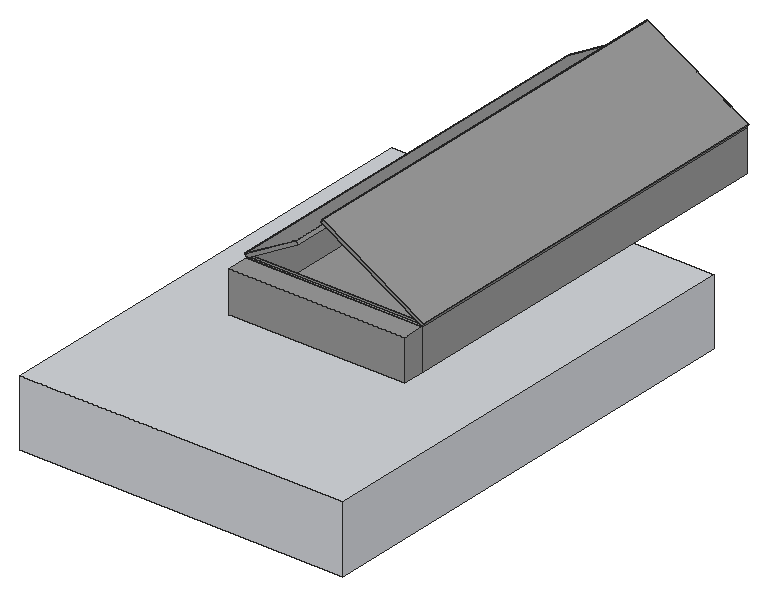
Revit family "Hager-Univers-IP54-D205-H1950-Cl.I-encl-DE-de", category Equipement électrique, Revit 2020
Family settings
  Hôte = Face
  Configuration du panneau = Deux colonnes, circuits au sein
  Cote de connecteur circulaire = Utiliser le diamètre
  Type d'élément = Tableau de raccordement
  Couper avec des vides une fois chargée = Non
  Partagée = Non
  Point de calcul de pièce = Non
Parameters (values of type "Bodenaufstellung IP54 B800 H1950 T205  - FP23TW2")
  Width Control [instance] = if([EF000008 - Breite] > Min Width, [EF000008 - Breite], Min Width)  # 800 mm
  Commentaires du type = [HG000003 - Bereich]  # "Univers"
  Thickness Door [instance] = if([EF009171 - Materialstärke Tür/Deckel] > 3 mm, 3 mm, [EF009171 - Materialstärke Tür/Deckel])  # 1 mm
  Seal Frame Offset [instance] = 17 mm  # constant formula
  Plinth Visibility [instance] = [HG000027 - Sockelhöhe] > 0 mm  # yes
  Model = ""
  Min Width [instance] = 100 mm  # constant formula
  Min Height [instance] = 100 mm  # constant formula
  Min Depth [instance] = (2 * [EF009170 - Materialstärke Gehäuse]) + 1 mm  # 3 mm
  Internal Frame Depth [instance] = (Door System Depth * 0.5)  # 9 mm
  Height Control [instance] = if([EF000040 - Höhe] > Min Height, [EF000040 - Höhe], Min Height)  # 1950 mm
  HG000027 - Sockelhöhe = 100 mm
  HG000026 - Stehend auf dem Boden = yes
  HG000024 - Höhe des unteren Teils = 800 mm
  HG000023 - Gehäuse mit doppeltem Querschnitt = no
  HG000016 - 3D-Türsichtbarkeit [instance] = yes
  HG000015 - Sichtbarkeit der Türöffnung [instance] = no
  HG000014 - Tür rechts [instance] = yes
  HG000013 - Tür links [instance] = not([HG000014 - Tür rechts])  # no
  HG000012 - Türschwenkwinkel [instance] = 30.00°
  HG000010 - Asymmetrische Türen = yes
  HG000009 - Doppelflügeligen Tür = yes
  HG000006 - Unterputz = no
  HG000004 - Herstellerreferenz = "FP23TW2"
  HG000003 - Bereich = "Univers"
  HG000002 - Mit tür = yes
  Frame Offset Bottom [instance] = 10 mm  # constant formula
  Frame Offset [instance] = 15 mm  # constant formula
  EF015940 - Deckel mit Überdruckentlastung = no
  EF011959 - Schutzart (NEMA) = ""
  EF009554 - Anzahl der Öffnungen für Flanschplatten = 6
  Fabricant = "Hager"  # constant formula
  EF009212 - Ausführung Deckel = "EV000116 - geschlossen"
  EF009171 - Materialstärke Tür/Deckel = 1 mm
  EF009170 - Materialstärke Gehäuse = 1 mm
  EF008873 - Nennstrom (In) = 400 A
  EF007800 - Geeignet für Blitzschutz = no
  EF006306 - Mit Schloss = no
  EF006244 - Transparenter Deckel/Tür = no
  EF005474 - Schutzart (IP) = "EV006419 - IP54"
  EF004464 - Art der Tür = "EV002646 - Einzel"
  EF004427 - Anzahl der Module = 432
  EF004293 - Schlagfestigkeit = "EV006815 - IK09"
  EF003532 - Geeignet für Außengebrauch = no
  EF002950 - Breite in Teilungseinheiten = 36
  EF001613 - Funktionserhalt = "EV000494 - ohne"
  EF001596 - Werkstoff des Gehäuses = "EV000179 - Stahl"
  EF001131 - Innentiefe = 205 mm
  EF001088 - Anbaumöglichkeit = yes
  EF000437 - Anzahl der Leitungseinführungen = 6
  EF000339 - Art der Abdeckung = "EV001012 - Deckel"
  EF000266 - Anzahl der Reihen = 12
  EF000218 - Einbautiefe = 0 mm
  EF000118 - Mit Montageplatte = no
  EF000116 - RAL-Nummer = "9010"
  EF000049 - Tiefe = 205 mm
  EF000040 - Höhe = 1950 mm
  EF000008 - Breite = 800 mm
  EF000007 - Farbe = "EV000202 - weiß"
  EF000003 - Montageart = "EV012274 - Bodenaufstellung"
  Door System Leaf Tolerance [instance] = 1.5 mm  # constant formula
  Door System Depth [instance] = 18 mm  # constant formula
  Door Height [instance] = Height Control - [HG000027 - Sockelhöhe]  # 1850 mm
  Depth Control [instance] = if([EF000049 - Tiefe] > Min Depth, [EF000049 - Tiefe], Min Depth)  # 205 mm
  Default Elevation = 0 mm
  Connector Offset [instance] = Height Control / 2  # 975 mm
  Bottom Top Plate Trim [instance] = 1.5 mm  # constant formula
  Plinth height Ctrl [instance] = if([HG000027 - Sockelhöhe] > 0 mm, [HG000027 - Sockelhöhe], 12 mm)  # 100 mm
Types (9, lengths in mm): name | Width Control | HG000010 - Asymmetrische Türen | HG000009 - Doppelflügeligen Tür | HG000004 - Herstellerreferenz | EF009554 - Anzahl der Öffnungen für Flanschplatten | EF008873 - Nennstrom (In) | EF004464 - Art der Tür | EF004427 - Anzahl der Module | EF002950 - Breite in Teilungseinheiten | EF000437 - Anzahl der Leitungseinführungen | EF000008 - Breite
  Bodenaufstellung IP54 B1050 H1950 T205  - FP24TW2 | 1050 | no | yes | "FP24TW2" | 8 | 400 A | "EV003602 - Doppel" | 576 | 48 | 8 | 1050
  Bodenaufstellung IP54 B1300 H1950 T205  - FP25TW | 1300 | no | yes | "FP25TW" | 10 | 400 A | "EV003602 - Doppel" | 720 | 60 | 10 | 1300
  Bodenaufstellung IP54 B1300 H1950 T205  - FP25TW2 | 1300 | yes | yes | "FP25TW2" | 10 | 400 A | "EV003602 - Doppel" | 720 | 60 | 10 | 1300
  Bodenaufstellung IP54 B300 H1950 T205  - FP21TW | 300 | no | no | "FP21TW" | 2 | 250 A | "EV002646 - Einzel" | 144 | 12 | 2 | 300
  Bodenaufstellung IP54 B300 H1950 T205  - FP21TW2 | 300 | no | no | "FP21TW2" | 2 | 250 A | "EV002646 - Einzel" | 144 | 12 | 2 | 300
  Bodenaufstellung IP54 B550 H1950 T205  - FP22TW | 550 | no | no | "FP22TW" | 4 | 400 A | "EV002646 - Einzel" | 288 | 24 | 4 | 550
  Bodenaufstellung IP54 B550 H1950 T205  - FP22TW2 | 550 | no | no | "FP22TW2" | 4 | 400 A | "EV002646 - Einzel" | 288 | 24 | 4 | 550
  Bodenaufstellung IP54 B800 H1950 T205  - FP23TW | 800 | no | no | "FP23TW" | 6 | 400 A | "EV002646 - Einzel" | 432 | 36 | 6 | 800
  Bodenaufstellung IP54 B800 H1950 T205  - FP23TW2 | 800 | yes | yes | "FP23TW2" | 6 | 400 A | "EV002646 - Einzel" | 432 | 36 | 6 | 800
Reference planes
  plane 1 "Center (Front/Back)": y = 0
  plane 2: z = 0
  plane 3 "Center (Left/Right)": x = 0
  plane 4: z = 205
  plane 5: y = 101
  plane 6: y = 1025
  plane 7: y = 100
  plane 8: y = 1950
  plane 9: z = 0
  plane 10: x = -385
  plane 11: x = 385
  plane 12: x = 384
  plane 13: x = -384
  plane 14: y = 1949
  plane 15: x = -383
  plane 16: x = -400
  plane 17: x = 383
  plane 18: x = 400
  plane 19: x = 399
  plane 20: x = -399
  plane 21: y = 111
  plane 22: y = 1950
  plane 23: y = 1934
  plane 24: z = 187
  plane 25: z = 1
  plane 26: z = 186
  plane 27: z = 204
Forms (mm)
  Extrusion 1, solid
    sketch origin (0, 0, 0) x (1, 0, 0) y (0, 1, 0)
      loop
        line (-702.964, 1305) -> (-702.964, -811.445) -> (766.763, -811.445) -> (766.763, 1305) -> (-702.964, 1305)
    from 0 to -304.8
  Extrusion 2, solid, material "Hager_Steel_RAL7035_Light_Grey", visible <- "Plinth Visibility", detail levels medium+fine
    sketch origin (0, 0, 0) x (1, 0, 0) y (0, 1, 0)
      loop
        line (-400, 0) -> (400, 0) -> (400, 100) -> (-400, 100) -> (-400, 0)
    from 0 to 187
  Extrusion 3, solid, material "Hager_Steel_RAL7035_Light_Grey", detail levels medium+fine
    sketch origin (0, 0, 0) x (1, 0, 0) y (0, 1, 0)
      loop
        line (-400, 100) -> (400, 100) -> (400, 1950) -> (-400, 1950) -> (-400, 100)
    from 0 to 187
  Extrusion 4, void
    sketch origin (0, 0, 0) x (1, 0, 0) y (0, 1, 0)
      loop
        line (-399, 101) -> (399, 101) -> (399, 1949) -> (-399, 1949) -> (-399, 101)
    from 1 to 186
  Extrusion 5, void
    sketch origin (-381.607, -4572, 187) x (0, -1, 0) y (-1, 0, 0)
      loop
        line (-4683, 2.393) -> (-6506, 2.393) -> (-6506, -765.607) -> (-4683, -765.607) -> (-4683, 2.393)
    from 0 to 1 <- "EF009170 - Materialstärke Gehäuse"
  Extrusion 6, solid, material "Hager_Steel_RAL7035_Light_Grey", detail levels fine
    sketch origin (0, 0, 187) x (1, 0, 0) y (0, 1, 0)
      loop
        line (-384, 1934) -> (-384, 111) -> (384, 111) -> (384, 1934) -> (-384, 1934)
      loop
        line (-385, 110) -> (385, 110) -> (385, 1935) -> (-385, 1935) -> (-385, 110)
    from 0 to 9 <- "Internal Frame Depth"
  Extrusion 7, solid, material "Hager_Steel_RAL7035_Light_Grey", detail levels coarse
    sketch origin (0, 0, 0) x (1, 0, 0) y (0, 1, 0)
      loop
        line (-400, 0) -> (400, 0) -> (400, 1950) -> (-400, 1950) -> (-400, 0)
    from 0 to 205
  Sweep 8, void
    path in 3D
      loop
        line (-400, 100, 0) -> (400, 100, 0) -> (400, 100, 187) -> (-400, 100, 187) -> (-400, 100, 0)
    profile origin (-400, 100, 93.5) x (-1, 0, 0) y (0, -1, 0)
      loop
        line (0, 0) -> (0, 1.5) -> (-1.5, 1.5)
        arc (-1.5, 1.5) -> (-1.061, 0.439) -> (0, 0) r 1.5
Cuts and joins
  Extrusion 4, Extrusion 5 cuts Extrusion 3
  Sweep 8 cuts Extrusion 2
Lines and regions (mm)
  Masking region 1
    outline origin (0, 0, 0) x (1, 0, 0) y (0, 0, 1)
      loop
        line (-400, 205) -> (-400, 0) -> (400, 0) -> (400, 205) -> (-400, 205)
  Masking region 2, detail levels medium+fine
    outline origin (0, 140, 0) x (0, 1, 0) y (0, 0, 1)
      loop
        line (-40, 0) -> (1810, 0) -> (1810, 187) -> (-40, 187) -> (-40, 0)
  Masking region 3, not visible, detail levels medium+fine
    outline origin (0, 297.922, 0) x (0, 1, 0) y (0, 0, 1)
      loop
        line (738.578, 0) -> (778.578, 0) -> (778.578, 194)
        arc (778.578, 194) -> (775.649, 201.071) -> (768.578, 204) r 10
        line (768.578, 204) -> (738.578, 204) -> (738.578, 0)
  Masking region 4, detail levels coarse
    outline origin (0, 0, 180) x (0, 1, 0) y (0, 0, 1)
      loop
        line (0, -180) -> (1950, -180) -> (1950, 25) -> (0, 25) -> (0, -180)
  Masking region 5, visible <- "Plinth Visibility", detail levels medium+fine
    outline origin (0, 52.24, 12.345) x (0, 0, -1) y (0, 1, 0)
      loop
        line (10.845, 47.76) -> (-173.155, 47.76)
        arc (-173.155, 47.76) -> (-173.594, 46.699) -> (-174.655, 46.26) r 1.5
        line (-174.655, 46.26) -> (-174.655, -52.24) -> (12.345, -52.24) -> (12.345, 46.26)
        arc (12.345, 46.26) -> (11.285, 46.699) -> (10.845, 47.76) r 1.5
  Masking region 6, detail levels medium+fine
    outline origin (-381.607, -4572, 187) x (-1, 0, 0) y (0, -1, 0)
      loop
        line (18.393, -6522) -> (18.393, -4672) -> (-781.607, -4672) -> (-781.607, -6522) -> (18.393, -6522)
  Masking region 7, visible <- "Plinth Visibility", detail levels medium+fine
    outline origin (-381.607, -4727, 187) x (-1, 0, 0) y (0, -1, 0)
      loop
        arc (16.893, -4827) -> (17.332, -4825.939) -> (18.393, -4825.5) r 1.5
        line (18.393, -4825.5) -> (18.393, -4727) -> (-781.607, -4727) -> (-781.607, -4825.5)
        arc (-781.607, -4825.5) -> (-780.546, -4825.939) -> (-780.107, -4827) r 1.5
        line (-780.107, -4827) -> (16.893, -4827)
  Masking region 8, detail levels coarse
    outline origin (-442.548, -4669.526, 187) x (-1, 0, 0) y (0, -1, 0)
      loop
        line (-42.548, -6619.526) -> (-42.548, -4669.526) -> (-842.548, -4669.526) -> (-842.548, -6619.526) -> (-42.548, -6619.526)
  sketch lines
    curve 1: line (-400, 100, 187) -> (-400, 100, 0)
    curve 2: line (400, 100, 187) -> (-400, 100, 187)
    curve 3: line (400, 100, 187) -> (400, 100, 0)
    curve 4: line (-400, 100, 0) -> (400, 100, 0)
Dimensions and locks
  "Depth Control": plane 4 to Extrusion 1
  "HG000027 - Sockelhöhe": plane 1 "Center (Front/Back)" to plane 7
  "EF009170 - Materialstärke Gehäuse": plane 5 to plane 7
  locked: connector elem to plane 3 "Center (Left/Right)"
  equal spacing: plane 8, plane 6, plane 7
  locked: connector elem to plane 6
  "EF009170 - Materialstärke Gehäuse": plane 8 to plane 14
  "EF009170 - Materialstärke Gehäuse": plane 10 to plane 13
  "EF009170 - Materialstärke Gehäuse": plane 12 to plane 11
  "Frame Offset": plane 20 to plane 13
  "Frame Offset": plane 12 to plane 19
  "EF009170 - Materialstärke Gehäuse": plane 16 to plane 20
  "EF009170 - Materialstärke Gehäuse": plane 19 to plane 18
  "Seal Frame Offset": plane 16 to plane 15
  "Seal Frame Offset": plane 17 to plane 18
  "Frame Offset Bottom": plane 21 to plane 5
  "Frame Offset": plane 14 to plane 23
  equal spacing: plane 16, plane 3 "Center (Left/Right)", plane 18
  "Width Control": plane 16 to plane 18
  "EF009170 - Materialstärke Gehäuse": plane 4 to plane 27
  "EF009170 - Materialstärke Gehäuse": plane 24 to plane 26
  "EF009170 - Materialstärke Gehäuse": plane 25 to level
  "Door System Depth": plane 4 to plane 24
  "Height Control": plane 1 "Center (Front/Back)" to Extrusion 7 sketch curve
  "Height Control": Masking region 4 sketch curve to plane 1 "Center (Front/Back)"
  "Height Control": plane 1 "Center (Front/Back)" to plane 22
  "Bottom Top Plate Trim": profile plane to Sweep 8 sketch curve
  "Bottom Top Plate Trim": Sweep 8 sketch curve to profile plane
  "Plinth height Ctrl": plane 1 "Center (Front/Back)" to Extrusion 2 sketch curve
  "Plinth height Ctrl": Masking region 5 sketch curve to plane 1 "Center (Front/Back)"
  "Plinth height Ctrl": plane 1 "Center (Front/Back)" to Masking region 7 sketch curve
  "Thickness Door": Extrusion 6 sketch curve to Extrusion 6 sketch curve  (x3)
  "Thickness Door": cut or joined group of Extrusion 3, Extrusion 4, Extrusion 5 to Extrusion 6 sketch curve
  radius of Masking region 3 sketch curve = 10 mm
  "Bottom Top Plate Trim": radius of Masking region 5 sketch curve  (x2)
  "Bottom Top Plate Trim": radius of Sweep 8 sketch curve
  "Bottom Top Plate Trim": radius of Masking region 7 sketch curve  (x2)
  aligned and locked: plane 2 to Extrusion 1
  aligned and locked: level to Extrusion 1
  aligned and locked: level to Masking region 1 sketch curve
  aligned and locked: Masking region 1 sketch curve to plane 18
  aligned and locked: Masking region 1 sketch curve to plane 16
  aligned and locked: plane 7 to Masking region 2 sketch curve
  aligned and locked: level to Masking region 3 sketch curve
  aligned and locked: Masking region 3 sketch curve to plane 27
  aligned and locked: level to Masking region 2 sketch curve
  aligned and locked: plane 1 "Center (Front/Back)" to Extrusion 2 sketch curve
  aligned and locked: Extrusion 3 sketch curve to plane 7
  aligned and locked: plane 16 to Extrusion 3 sketch curve
  aligned and locked: plane 18 to Extrusion 3 sketch curve
  aligned and locked: plane 20 to Extrusion 4 sketch curve
  aligned and locked: plane 19 to Extrusion 4 sketch curve
  aligned and locked: Extrusion 4 sketch curve to plane 5
  aligned and locked: Extrusion 4 to plane 25
  aligned and locked: plane 26 to Extrusion 4
  aligned and locked: plane 24 to Extrusion 3
  aligned and locked: Extrusion 5 sketch curve to plane 21
  aligned and locked: Extrusion 5 sketch curve to plane 13
  aligned and locked: Extrusion 5 sketch curve to plane 12
  aligned and locked: plane 18 to Extrusion 7 sketch curve
  aligned and locked: plane 1 "Center (Front/Back)" to Extrusion 7 sketch curve
  aligned and locked: plane 16 to Extrusion 7 sketch curve
  aligned and locked: plane 4 to Extrusion 7
  aligned and locked: Extrusion 7 to level
  aligned and locked: level to Masking region 4 sketch curve
  aligned and locked: Masking region 4 sketch curve to plane 1 "Center (Front/Back)"
  aligned and locked: Masking region 4 sketch curve to plane 4
  aligned and locked: nested 1 to level
  aligned and locked: nested 1 to plane 16
  aligned and locked: plane 8 to Extrusion 3 sketch curve
  aligned and locked: plane 23 to Extrusion 5 sketch curve
  aligned and locked: plane 14 to Extrusion 4 sketch curve
  aligned and locked: Masking region 2 sketch curve to plane 8
  aligned and locked: level to Masking region 5 sketch curve
  aligned and locked: plane 16 to Extrusion 2 sketch curve
  aligned and locked: plane 18 to Extrusion 2 sketch curve
  aligned and locked: Masking region 5 sketch curve to plane 24
  aligned and locked: Masking region 2 sketch curve to plane 24
  aligned and locked: plane 24 to Extrusion 2
  aligned and locked: profile plane to Sweep 8 sketch curve  (x2)
  aligned and locked: Masking region 6 sketch curve to plane 18
  aligned and locked: Masking region 6 sketch curve to plane 22
  aligned and locked: Masking region 6 sketch curve to plane 16
  aligned and locked: plane 8 to plane 22
  aligned and locked: Masking region 6 sketch curve to plane 7
  aligned and locked: Masking region 7 sketch curve to plane 16
  aligned and locked: Masking region 7 sketch curve to plane 1 "Center (Front/Back)"
  aligned and locked: Masking region 7 sketch curve to plane 18
  aligned and locked: Masking region 8 sketch curve to plane 1 "Center (Front/Back)"
  aligned and locked: Masking region 8 sketch curve to plane 18
  aligned and locked: Masking region 8 sketch curve to plane 22
  aligned and locked: Masking region 8 sketch curve to plane 16
  aligned and locked: nested 2 to plane 7
  aligned and locked: plane 3 "Center (Left/Right)" to nested 2
  aligned and locked: nested 2 to plane 24
  aligned and locked: Extrusion 6 sketch curve to cut or joined group of Extrusion 3, Extrusion 4, Extrusion 5  (x4)
Automatic sketch dimensions
  Extrusion 1 sketch curve to Extrusion 1 sketch curve = 1469.727 mm
  Extrusion 1 sketch curve to Extrusion 1 sketch curve = 2116.445 mm
  Masking region 1 sketch curve to plane 4 = 0 mm
  plane 6 to Masking region 3 sketch curve = 11.5 mm
  Masking region 3 sketch curve to Masking region 3 sketch curve = 30 mm
  Masking region 5 sketch curve to plane 1 "Center (Front/Back)" = 0 mm
Nested families
  nested 1: "Hager_Enclosure_Symbol" at (-400, 0, 0) x (1, 0, 0) z (0, -1, 0), Height <- "Depth Control", Width <- "Width Control", type "Hager_Enclosure_Symbol"
    with Width_Ctrl 800 mm, Width 800 mm, Height_Ctrl 205 mm, Height 205 mm, A_Width_Int 13.453 mm, A_Width 161.438 mm, A_Height_Ctrl 179.375 mm, A_Height 179.375 mm
  nested 2: "EC000058_Univers_Door" at (0, 100, 187) x (1, 0, 0) z (0, 1, 0), Leaf_Tolerance <- "Door System Leaf Tolerance", Angle <- "HG000012 - Türschwenkwinkel", Door_Depth <- "Door System Depth", Door_Left <- "HG000013 - Tür links", Transparent <- "EF006244 - Transparenter Deckel/Tür", Assymetrical <- "HG000010 - Asymmetrische Türen", Width <- "Width Control", Clearance <- "HG000015 - Sichtbarkeit der Türöffnung", Double <- "HG000009 - Doppelflügeligen Tür", 3d_Door <- "HG000016 - 3D-Türsichtbarkeit", Lock_Visibility <- "EF006306 - Mit Schloss", Width_Ctrl <- "Width Control", Door_Right <- "HG000014 - Tür rechts", Door <- "HG000002 - Mit tür", Height <- "Door Height", Thickness <- "Thickness Door", type "EC000058_Univers_Door", detail levels medium+fine
    with min_wh 3 mm, Width_Ctrl 800 mm, Width 800 mm, Transparent no, Thickness 1 mm, Seal_Material Hager_Rubber, Lock_Visibility no, Lock_Material Hager_Plastic_RAL9005_Jet_Black, Leaf_Width 800 mm, Leaf_Tolerance_External_Sides 0 mm, Leaf_Tolerance 1.5 mm, Leaf_Offset 0 mm, Leaf_Height 1847 mm, Leaf_2_Width 532.583 mm, Leaf_2_Offset 266.292 mm, Leaf_1_Width 265.917 mm, Leaf_1_Offset 132.958 mm, Height_Ctrl 1850 mm, Height 1850 mm, Glass_Material Hager_Glass, Double_Clearance_Ctrl no, Double yes, Door_Right_Ctrl yes, Door_Right yes, Door_Material Hager_Steel_RAL7035_Light_Grey, Door_Left_Ctrl yes, Door_Left no, Door_Depth 18 mm, Door yes, Clearance_Material Hager_Clearance, Clearance_Depth 532.583 mm, Clearance_Ctrl no, Clearance no, Assymetrical yes, Angle 30.00°, 3d_Door yes
Connectors
  electrical at (0, 1025, 0)
    settings: on plane 9, index 1, voltage 0 V, apparent load 0 VA, apparent load phase1 0 VA, apparent load phase2 0 VA, apparent load phase3 0 VA, power factor 1, load classification "Other", number of poles 1, system type 30, power factor state 1, is connector primary yes, connector utility no, sub classification motor no, connector description ""
Definition of nested family "EC000058_Univers_Door"
  Parameters (values of type "EC000058_Univers_Door")
    min_wh [instance] = (2 * Thickness) + 1 mm  # 11 mm
    Width_Ctrl [instance] = 400 mm
    Width [instance] = 500 mm
    Transparent [instance] = yes
    Thickness [instance] = 5 mm
    Seal_Material [instance] = none
    Lock_Visibility [instance] = yes
    Lock_Material [instance] = none
    Leaf_Width [instance] = if((Width_Ctrl - 2 * Leaf_Tolerance_External_Sides) > 0 mm, (Width_Ctrl - 2 * Leaf_Tolerance_External_Sides), min_wh)  # 400 mm
    Leaf_Tolerance_External_Sides [instance] = 0 mm  # constant formula
    Leaf_Tolerance [instance] = 1.5 mm
    Leaf_Offset [instance] = 0 mm  # constant formula
    Leaf_Height [instance] = if((Height_Ctrl - 2 * Leaf_Tolerance) > 0 mm, (Height_Ctrl - 2 * Leaf_Tolerance), min_wh)  # 497 mm
    Leaf_2_Width [instance] = if(and(and(Double, Assymetrical), Door_Left), (Leaf_Width / 3) - (Leaf_Tolerance / 2), if(and(and(Double, Assymetrical), Door_Right), (Leaf_Width / 3) * 2 - (Leaf_Tolerance / 2), if(and(Double, not(Assymetrical)), (Leaf_Width / 2) - Leaf_Tolerance, Leaf_Width)))  # 400 mm
    Leaf_2_Offset [instance] = if(and(Double, Assymetrical), Leaf_2_Width / 2, if(and(Double, not(Assymetrical)), Leaf_Width / 4, Leaf_Width / 2))  # 200 mm
    Leaf_1_Width [instance] = if(and(and(Double, Assymetrical), Door_Right), (Leaf_Width / 3) - (Leaf_Tolerance / 2), if(and(and(Double, Assymetrical), Door_Left), (Width / 3) * 2 - (Leaf_Tolerance / 2), if(and(Double, not(Assymetrical)), (Leaf_Width / 2) - Leaf_Tolerance, Leaf_Width)))  # 400 mm
    Leaf_1_Offset [instance] = if(and(Double, Assymetrical), Leaf_1_Width / 2, if(and(Double, not(Assymetrical)), Leaf_Width / 4, Leaf_Width / 2))  # 200 mm
    Height_Ctrl [instance] = if(Height > min_wh, Height, min_wh)  # 500 mm
    Height [instance] = 500 mm
    Glass_Material [instance] = none
    Double_Clearance_Ctrl [instance] = and(Double, Clearance)  # no
    Double [instance] = no
    Door_Right_Ctrl [instance] = and(or(Door_Right, Double), Door)  # yes
    Door_Right [instance] = yes
    Door_Material [instance] = none
    Door_Left_Ctrl [instance] = and(or(Door_Left, Double), Door)  # no
    Door_Left [instance] = no
    Door_Depth [instance] = 30 mm
    Door [instance] = yes
    Default Elevation = 1219.2 mm
    Clearance_Material [instance] = none
    Clearance_Depth [instance] = if(Leaf_1_Width > Leaf_2_Width, Leaf_1_Width, Leaf_2_Width)  # 400 mm
    Clearance_Ctrl [instance] = and(not(Double), Clearance)  # yes
    Clearance [instance] = yes
    Assymetrical [instance] = yes
    Angle [instance] = 30.00°
    3d_Door [instance] = yes
  Reference planes
    plane 1 "Center (Front/Back)": y = 0
    plane 2 "Bottom": z = 0
    plane 3 "Center (Left/Right)": x = 0
    plane 4: z = 500
    plane 5: x = -200
    plane 6: x = 200
    plane 7: z = 500
    plane 8: x = -200
    plane 9: z = 0
    plane 10: x = 200
    plane 11: y = 0
    plane 12: z = 1.5
    plane 13: x = -600
    plane 14: y = -400
    plane 15: x = 600
    plane 16: x = 0
    plane 17: x = 0
    plane 18: x = -200
    plane 19: x = 200
    plane 20: z = 498.5
  Forms (mm)
    Extrusion 1, solid, material <- "Clearance_Material", visible <- "Double_Clearance_Ctrl"
      sketch origin (1200, 0, 0) x (1, 0, 0) y (0, 0, -1)
        loop
          line (-1800, -498.5) -> (-600, -498.5) -> (-600, 0) -> (-1800, 0) -> (-1800, -498.5)
      from 0 to -400
  Dimensions and locks
    equal spacing: plane 5, plane 3 "Center (Left/Right)", plane 6
    "Width_Ctrl": plane 5 to plane 6
    "Leaf_Offset": plane 5 to plane 8
    "Leaf_Offset": plane 6 to plane 10
    "Leaf_Offset": plane 9 to level
    "Leaf_Offset": plane 4 to plane 7
    "Height_Ctrl": plane 4 to level
    "Leaf_Tolerance": plane 12 to plane 9
    locked: plane 11 to plane 1 "Center (Front/Back)"
    "Leaf_1_Offset": plane 18 to plane 16
    "Leaf_2_Offset": plane 17 to plane 19
    "Leaf_1_Width": plane 13 to plane 8
    "Leaf_2_Width": plane 10 to plane 15
    "Clearance_Depth": plane 14 to plane 1 "Center (Front/Back)"
    "Leaf_Tolerance_External_Sides": plane 8 to plane 18
    "Leaf_Tolerance_External_Sides": plane 19 to plane 10
    "Leaf_Tolerance": plane 7 to plane 20
    aligned and locked: level to plane 2 "Bottom"
    aligned and locked: nested 1 to plane 16
    aligned and locked: nested 2 to plane 17
    aligned and locked: Extrusion 1 to plane 13
    aligned and locked: plane 15 to Extrusion 1
    aligned and locked: Extrusion 1 to plane 14
    aligned and locked: plane 12 to nested 1
    aligned and locked: nested 2 to plane 12
    aligned and locked: Extrusion 1 to plane 11
    aligned and locked: plane 20 to Extrusion 1
    aligned and locked: nested 2 to plane 11
    aligned and locked: nested 1 to plane 11
  Automatic sketch dimensions
    Extrusion 1 sketch curve to level = 0 mm
    plane 5 to Extrusion 1 sketch curve = 400 mm
    plane 6 to Extrusion 1 sketch curve = 400 mm
    Extrusion 1 sketch curve to plane 4 = 1.5 mm
  Nested families
    nested 1: "EC000058_Univers_Door_Leaf" at (0, 0, 1.5), Width <- "Leaf_1_Width", visible <- "Door_Left_Ctrl", Leaf_Height <- "Leaf_Height", Angle <- "Angle", 3d_Door <- "3d_Door", Transparent <- "Transparent", Clearance Material <- "Clearance_Material", Clearance <- "Clearance_Ctrl", Door_Material <- "Door_Material", Glass_Material <- "Glass_Material", Door_Depth <- "Door_Depth", Lock_Material <- "Lock_Material", Seal_Material <- "Seal_Material", Lock_Visibility <- "Lock_Visibility", Thickness <- "Thickness", type "EC000058_Univers_Door_Leaf"
      with Width 400 mm, Transparent_Glass_Offset 30 mm, Transparent_Ctrl yes, Transparent yes, Thickness 5 mm, Standard no, Seal_Material none, Seal_D2 8 mm, Seal_D1 1 mm, Offset_Internal_Frame 10 mm, Lock_Width 20 mm, Lock_Visibility_3d yes, Lock_Visibility yes, Lock_Thickness_3 3 mm, Lock_Thickness_2 1 mm, Lock_Thickness_1 3 mm, Lock_Radius_Offset_2 16 mm, Lock_Radius_Offset_1 15 mm, Lock_Radius_2 5 mm, Lock_Radius 6 mm, Lock_Offset 5 mm, Lock_Material none, Lock_Height 80 mm, Lock_Cover_Top_Offset_2d 17 mm, Lock_Cover_Height -65 mm, Leaf_Height 497 mm, Internal_Seal_Thickness 8 mm, Internal_Seal_Depth_2 4.5 mm, Internal_Frame_Depth 25 mm, Glass_Thickness -1 mm, Glass_Offset -2 mm, Glass_Material none, Door_Material none, Door_Depth 30 mm, Clearance Material none, Clearance yes, Angle_Ctrl 30.00°, Angle 30.00°, 3d_Door yes
    nested 2: "EC000058_Univers_Door_Leaf" at (0, 0, 1.5) x (-1, 0, 0) z (0, 0, 1), Width <- "Leaf_2_Width", visible <- "Door_Right_Ctrl", Leaf_Height <- "Leaf_Height", Angle <- "Angle", 3d_Door <- "3d_Door", Transparent <- "Transparent", Clearance Material <- "Clearance_Material", Clearance <- "Clearance_Ctrl", Door_Material <- "Door_Material", Glass_Material <- "Glass_Material", Door_Depth <- "Door_Depth", Lock_Material <- "Lock_Material", Seal_Material <- "Seal_Material", Lock_Visibility <- "Lock_Visibility", Thickness <- "Thickness", type "EC000058_Univers_Door_Leaf"
      with Width 400 mm, Transparent_Glass_Offset 30 mm, Transparent_Ctrl yes, Transparent yes, Thickness 5 mm, Standard no, Seal_Material none, Seal_D2 8 mm, Seal_D1 1 mm, Offset_Internal_Frame 10 mm, Lock_Width 20 mm, Lock_Visibility_3d yes, Lock_Visibility yes, Lock_Thickness_3 3 mm, Lock_Thickness_2 1 mm, Lock_Thickness_1 3 mm, Lock_Radius_Offset_2 16 mm, Lock_Radius_Offset_1 15 mm, Lock_Radius_2 5 mm, Lock_Radius 6 mm, Lock_Offset 5 mm, Lock_Material none, Lock_Height 80 mm, Lock_Cover_Top_Offset_2d 17 mm, Lock_Cover_Height -65 mm, Leaf_Height 497 mm, Internal_Seal_Thickness 8 mm, Internal_Seal_Depth_2 4.5 mm, Internal_Frame_Depth 25 mm, Glass_Thickness -1 mm, Glass_Offset -2 mm, Glass_Material none, Door_Material none, Door_Depth 30 mm, Clearance Material none, Clearance yes, Angle_Ctrl 30.00°, Angle 30.00°, 3d_Door yes
  Definition of nested family "EC000058_Univers_Door_Leaf"
    Parameters (values of type "EC000058_Univers_Door_Leaf")
      Width [instance] = 2000 mm
      Transparent_Glass_Offset [instance] = 30 mm
      Transparent_Ctrl [instance] = and(Transparent, [3d_Door])  # yes
      Transparent [instance] = yes
      Thickness [instance] = 5 mm
      Standard [instance] = and(not(Transparent), [3d_Door])  # no
      Seal_Material [instance] = none
      Seal_D2 [instance] = 8 mm  # constant formula
      Seal_D1 [instance] = 1 mm  # constant formula
      Offset_Internal_Frame [instance] = 10 mm  # constant formula
      Lock_Width [instance] = 20 mm  # constant formula
      Lock_Visibility_3d [instance] = and(Lock_Visibility, [3d_Door])  # yes
      Lock_Visibility [instance] = yes
      Lock_Thickness_3 [instance] = 3 mm  # constant formula
      Lock_Thickness_2 [instance] = 1 mm  # constant formula
      Lock_Thickness_1 [instance] = 3 mm  # constant formula
      Lock_Radius_Offset_2 [instance] = Lock_Radius_Offset_1 + 1 mm  # 16 mm
      Lock_Radius_Offset_1 [instance] = 15 mm  # constant formula
      Lock_Radius_2 [instance] = Lock_Radius - 1 mm  # 5 mm
      Lock_Radius [instance] = 6 mm  # constant formula
      Lock_Offset [instance] = 5 mm  # constant formula
      Lock_Material [instance] = none
      Lock_Height [instance] = 80 mm  # constant formula
      Lock_Cover_Top_Offset_2d [instance] = Lock_Radius_Offset_2 + 1 mm  # 17 mm
      Lock_Cover_Height [instance] = -(Lock_Height - Lock_Radius_Offset_1)  # -65 mm
      Leaf_Height [instance] = 2720.336 mm
      Internal_Seal_Thickness [instance] = 8 mm  # constant formula
      Internal_Seal_Depth_2 [instance] = 4.5 mm  # constant formula
      Internal_Frame_Depth [instance] = if(Door_Depth - Thickness > 5 mm, Door_Depth - Thickness, 5 mm)  # 25 mm
      Glass_Thickness [instance] = if(Thickness > 15 mm, Glass_Offset + 10 mm, -1 mm)  # -1 mm
      Glass_Offset [instance] = if(Thickness > 15 mm, -(Thickness + 10 mm) / 2, -2 mm)  # -2 mm
      Glass_Material [instance] = none
      Door_Material [instance] = none
      Door_Depth [instance] = 30 mm
      Default Elevation = 0 mm
      Clearance Material [instance] = none
      Clearance [instance] = yes
      Angle_Ctrl [instance] = if(Angle > 180.00°, 180.00°, Angle)  # 90.00°
      Angle [instance] = 90.00°
      3d_Door [instance] = yes
    Reference planes
      plane 1 "Center (Front/Back)": y = 0
      plane 2: z = 0
      plane 3 "Center (Left/Right)": x = 0
      plane 4: y = 2000
      plane 5: x = -1000
      plane 6: x = 1000
      plane 7: x = -3000
      plane 8: z = 2720.336
      plane 9: z = 30
      plane 10: z = 2690.336
      plane 11: x = 970
      plane 12: x = -970
      plane 13: y = -3
      plane 14: z = 107.833
      plane 15: y = -5
      plane 16: y = -223.314
      plane 17: x = -1000
      plane 18: z = 1360.168
      plane 19: y = 30
    Forms (mm)
      Extrusion 1, solid, material <- "Clearance Material", visible <- "Clearance"
        sketch origin (0, 0, 0) x (1, 0, 0) y (0, 0, 1)
          loop
            line (-3000, 2720.336) -> (-3000, 0) -> (1000, 0) -> (1000, 2720.336) -> (-3000, 2720.336)
        from 0 to -2000
      Extrusion 2, solid, material <- "Door_Material", visible <- "Standard", detail levels medium+fine
        sketch origin (-1000, 0, 0) x (0, 1, 0) y (-1, 0, 0)
          loop
            line (0, 30) -> (0, 25) -> (2000, 25) -> (2000, 30) -> (0, 30)
        from 0 to 2720.336 <- "Leaf_Height"
      Extrusion 3, solid, material <- "Door_Material", visible <- "Transparent_Ctrl", detail levels medium+fine
        sketch origin (-1000, 0, 0) x (0, 1, 0) y (-1, 0, 0)
          loop
            line (0, 25) -> (2000, 25) -> (2000, 30) -> (0, 30) -> (0, 25)
        from 0 to 2720.336 <- "Leaf_Height"
      Extrusion 4, void
        sketch origin (-1025, 2000, 0) x (0, 1, 0) y (0, 0, -1)
          loop
            line (-30, -2690.336) -> (-30, -30) -> (-1970, -30) -> (-1970, -2690.336) -> (-30, -2690.336)
        from 0 to 5 <- "Thickness"
      Sweep 5, solid, material <- "Seal_Material", visible <- "Transparent_Ctrl", detail levels fine
        path in 3D
          loop
            line (-1025, 30, 30) -> (-1025, 30, 2690.336) -> (-1025, 1970, 2690.336) -> (-1025, 1970, 30) -> (-1025, 30, 30)
        profile origin (-1025, 1000, 30) x (1, 0, 0) y (0, 0, 1)
          loop
            line (0, 0) -> (0, -8) -> (1, -8) -> (1, 0) -> (0, 0)
      Extrusion 6, solid, material <- "Glass_Material", visible <- "Transparent_Ctrl", detail levels medium+fine
        sketch origin (-1030, 0, 0) x (0, 1, 0) y (0, 0, -1)
          loop
            line (1970, -2690.336) -> (1970, -30) -> (30, -30) -> (30, -2690.336) -> (1970, -2690.336)
        from -2 <- "Glass_Offset" to -1 <- "Glass_Thickness"
      Extrusion 7, solid, material <- "Door_Material", visible <- "3d_Door", detail levels medium+fine
        sketch origin (-1025, 2000, 0) x (0, -1, 0) y (0, 0, -1)
          loop
            line (0, -2720.336) -> (2000, -2720.336) -> (2000, 0) -> (0, 0) -> (0, -2720.336)
          loop
            line (1995, -5) -> (5, -5) -> (5, -2715.336) -> (1995, -2715.336) -> (1995, -5)
        from 0 to 25 <- "Internal_Frame_Depth"
      Sweep 8, solid, material <- "Seal_Material", visible <- "Transparent_Ctrl", detail levels fine
        path in 3D
          loop
            line (-1025, 0, 0) -> (-1025, 2000, 0) -> (-1025, 2000, 2720.336) -> (-1025, 0, 2720.336) -> (-1025, 0, 0)
        profile origin (-1025, 0, 1360.168) x (1, 0, 0) y (0, 1, 0)
          loop
            line (0, 10) -> (2.975, 10)
            arc (2.975, 10) -> (4.053, 10.447) -> (4.5, 11.525) r 1.525
            line (4.5, 11.525) -> (4.5, 16.527)
            arc (4.5, 16.527) -> (4.069, 17.569) -> (3.027, 18) r 1.473
            line (3.027, 18) -> (0, 18) -> (0, 10)
      Extrusion 9, solid, material <- "Lock_Material", visible <- "Lock_Visibility_3d", detail levels fine
        sketch origin (-1030, 0, 0) x (0, 1, 0) y (0, 0, -1)
          loop
            arc (1993.5, -1400.168) -> (1994.561, -1399.729) -> (1995, -1398.668) r 1.5
            line (1995, -1398.668) -> (1995, -1320.168) -> (1975, -1320.168) -> (1975, -1398.668)
            arc (1975, -1398.668) -> (1975.439, -1399.729) -> (1976.5, -1400.168) r 1.5
            line (1976.5, -1400.168) -> (1993.5, -1400.168)
        from 3 <- "Lock_Thickness_1" to 0
      Blend 10, solid, material <- "Lock_Material", visible <- "Lock_Visibility_3d", detail levels fine
        base sketch origin (-1033, 0, 0) x (0, 1, 0) y (0, 0, -1)
          loop
            line (1975, -1320.168) -> (1975, -1398.668)
            arc (1975, -1398.668) -> (1975.439, -1399.729) -> (1976.5, -1400.168) r 1.5
            line (1976.5, -1400.168) -> (1993.5, -1400.168)
            arc (1993.5, -1400.168) -> (1994.561, -1399.729) -> (1995, -1398.668) r 1.5
            line (1995, -1398.668) -> (1995, -1320.168) -> (1975, -1320.168)
        top sketch origin (-1033, 0, 0) x (0, 1, 0) y (0, 0, -1)
          loop
            line (1976, -1320.168) -> (1976, -1398.668)
            arc (1976, -1398.668) -> (1976.146, -1399.022) -> (1976.5, -1399.168) r 0.5
            line (1976.5, -1399.168) -> (1993.5, -1399.168)
            arc (1993.5, -1399.168) -> (1993.854, -1399.022) -> (1994, -1398.668) r 0.5
            line (1994, -1398.668) -> (1994, -1320.168) -> (1976, -1320.168)
        from 0 to 1 <- "Lock_Thickness_2"
      Blend 11, solid, material <- "Lock_Material", visible <- "Lock_Visibility_3d", detail levels fine
        base sketch origin (-1034, 0, 0) x (0, 1, 0) y (0, 0, -1)
          loop
            line (1978, -1320.168) -> (1978, -1384.168)
            arc (1978, -1384.168) -> (1985, -1391.168) -> (1992, -1384.168) r 7
            line (1992, -1384.168) -> (1992, -1320.168) -> (1978, -1320.168)
        top sketch origin (-1034, 0, 0) x (0, 1, 0) y (0, 0, -1)
          loop
            line (1991, -1320.168) -> (1979, -1320.168) -> (1979, -1383.168)
            arc (1979, -1383.168) -> (1985, -1389.168) -> (1991, -1383.168) r 6
            line (1991, -1383.168) -> (1991, -1320.168)
        from 0 to 3 <- "Lock_Thickness_3"
      Extrusion 12, solid, material <- "Lock_Material", visible <- "Lock_Visibility_3d", detail levels fine
        sketch origin (-1030, 1975, 1320.168) x (1, 0, 0) y (0, -1, 0)
          loop
            line (-7, -19) -> (-7, -1) -> (0, -1) -> (0, 0) -> (-8, 0) -> (-8, -20) -> (0, -20) -> (0, -19) -> (-7, -19)
        from 0 to -65 <- "Lock_Cover_Height"
      Extrusion 13, void
        sketch origin (-1038, 1995, 1320.168) x (-1, 0, 0) y (0, 0, -1)
          loop
            line (-5, -65) -> (0, -65) -> (-5, -60) -> (-5, -65)
        from 0 to 20 <- "Lock_Width"
      Extrusion 14, void
        sketch origin (-1038, 1975, 1320.168) x (0, -1, 0) y (0, 0, -1)
          loop
            circle (-10, -15.995) r 6
          loop
            circle (-10, -15.995) r 5
        from 0 to 2
      Extrusion 15, solid, material <- "Lock_Material", visible <- "Lock_Visibility_3d", detail levels medium
        sketch origin (-1030, 0, 0) x (0, 1, 0) y (0, 0, -1)
          loop
            arc (1993.5, -1400.168) -> (1994.561, -1399.729) -> (1995, -1398.668) r 1.5
            line (1995, -1398.668) -> (1995, -1320.168) -> (1975, -1320.168) -> (1975, -1398.668)
            arc (1975, -1398.668) -> (1975.439, -1399.729) -> (1976.5, -1400.168) r 1.5
            line (1976.5, -1400.168) -> (1993.5, -1400.168)
        from 8 to 0
    Cuts and joins
      Extrusion 4 cuts Extrusion 3
      Extrusion 13, Extrusion 14 cuts Extrusion 9
      Extrusion 14 cuts Blend 11
      Extrusion 13, Extrusion 14 cuts Extrusion 12
      joined: Extrusion 9, Blend 10, Blend 11, Extrusion 12
      Extrusion 14 cuts Extrusion 15
    Lines and regions (mm)
      Masking region 1, visible <- "Lock_Visibility", detail levels fine
        outline origin (0, 0, 0) x (0, 1, 0) y (0, 0, 1)
          loop
            line (30, 1320.168) -> (33, 1320.168) -> (33, 1400.168) -> (30, 1400.168) -> (30, 1320.168)
      Masking region 2, visible <- "Lock_Visibility", detail levels fine
        outline origin (0, 3.143, 0) x (0, 1, 0) y (0, 0, 1)
          loop
            line (29.857, 1354.168) -> (30.857, 1354.168) -> (30.857, 1366.168) -> (29.857, 1366.168) -> (29.857, 1354.168)
      Masking region 3, detail levels medium+fine
        outline origin (0, 0, 0) x (0, 1, 0) y (0, 0, 1)
          loop
            line (0, 0) -> (30, 0) -> (30, 2720.336) -> (0, 2720.336) -> (0, 0)
      Masking region 4, detail levels medium+fine
        outline origin (0, 0, 0) x (1, 0, 0) y (0, 0, 1)
          loop
            line (-1000, 2720.336) -> (-1000, 0) -> (1000, 0) -> (1000, 2720.336) -> (-1000, 2720.336)
      Masking region 5, visible <- "Lock_Visibility", detail levels fine
        outline origin (-47.116, 0, 0) x (1, 0, 0) y (0, 0, 1)
          loop
            arc (1024.616, 1399.168) -> (1023.556, 1398.729) -> (1023.116, 1397.668) r 1.5
            line (1023.116, 1397.668) -> (1023.116, 1320.168) -> (1041.116, 1320.168) -> (1041.116, 1397.668)
            arc (1041.116, 1397.668) -> (1040.677, 1398.729) -> (1039.616, 1399.168) r 1.5
            line (1039.616, 1399.168) -> (1024.616, 1399.168)
      Masking region 6, visible <- "Lock_Visibility", detail levels medium+fine
        outline origin (-25, 0, 0) x (1, 0, 0) y (0, 0, 1)
          loop
            arc (1001.5, 1400.168) -> (1000.439, 1399.729) -> (1000, 1398.668) r 1.5
            line (1000, 1398.668) -> (1000, 1320.168) -> (1020, 1320.168) -> (1020, 1398.668)
            arc (1020, 1398.668) -> (1019.561, 1399.729) -> (1018.5, 1400.168) r 1.5
            line (1018.5, 1400.168) -> (1001.5, 1400.168)
      Masking region 7, visible <- "Lock_Visibility", detail levels fine
        outline origin (-73.735, 0, 0) x (1, 0, 0) y (0, 0, 1)
          loop
            line (1051.735, 1382.168) -> (1065.735, 1382.168) -> (1065.735, 1384.168)
            arc (1065.735, 1384.168) -> (1058.735, 1391.168) -> (1051.735, 1384.168) r 7
            line (1051.735, 1384.168) -> (1051.735, 1382.168)
      Masking region 8, visible <- "Lock_Visibility", detail levels fine
        outline origin (-73.735, 0, 0) x (1, 0, 0) y (0, 0, 1)
          loop
            line (1052.735, 1382.168) -> (1064.735, 1382.168) -> (1064.735, 1383.168)
            arc (1064.735, 1383.168) -> (1058.735, 1389.168) -> (1052.735, 1383.168) r 6
            line (1052.735, 1383.168) -> (1052.735, 1382.168)
      Masking region 9, visible <- "Lock_Visibility", detail levels fine
        outline origin (-25, 0, 0) x (1, 0, 0) y (0, 0, 1)
          loop
            line (1020, 1320.168) -> (1020, 1382.168) -> (1000, 1382.168) -> (1000, 1320.168) -> (1020, 1320.168)
      Masking region 10, detail levels medium+fine
        outline origin (0, 0, 0) x (1, 0, 0) y (0, 0, 1)
          loop
            circle (985, 1335.144) r 6
      Masking region 11, detail levels fine
        outline origin (0, 0, 0) x (1, 0, 0) y (0, 0, 1)
          loop
            circle (985, 1335.144) r 5
      Masking region 12, visible <- "Lock_Visibility", detail levels fine
        outline origin (0, 12.767, 0) x (0, 1, 0) y (0, 0, 1)
          loop
            line (20.233, 1320.168) -> (21.233, 1320.168) -> (21.233, 1399.168) -> (20.233, 1400.168) -> (20.233, 1320.168)
      Masking region 13, visible <- "Lock_Visibility", detail levels fine
        outline origin (0, 13.767, -10) x (0, 1, 0) y (0, 0, 1)
          loop
            line (20.233, 1330.168) -> (23.233, 1330.168) -> (23.233, 1399.168) -> (20.233, 1402.168) -> (20.233, 1330.168)
      Masking region 14, visible <- "Lock_Visibility", detail levels fine
        outline origin (0, 12.767, -10) x (0, 1, 0) y (0, 0, 1)
          loop
            line (20.233, 1330.168) -> (25.233, 1330.168) -> (25.233, 1399.305) -> (20.233, 1394.305) -> (20.233, 1330.168)
      Masking region 15, visible <- "Lock_Visibility", detail levels medium
        outline origin (0, 0, 0) x (0, 1, 0) y (0, 0, 1)
          loop
            line (30, 1320.168) -> (38, 1320.168) -> (38, 1400.168) -> (30, 1400.168) -> (30, 1320.168)
      Masking region 16, visible <- "Lock_Visibility", detail levels fine
        outline origin (-1000, 0, 0) x (0, 1, 0) y (-1, 0, 0)
          loop
            line (1975, 30) -> (1995, 30) -> (1995, 38) -> (1975, 38) -> (1975, 30)
          loop
            line (1979, 37) -> (1976, 37) -> (1976, 34) -> (1978, 34) -> (1979, 37)
          loop
            line (1994, 37) -> (1991, 37) -> (1992, 34) -> (1994, 34) -> (1994, 37)
      Masking region 17, visible <- "Lock_Visibility", detail levels medium
        outline origin (-1000, 0, 0) x (0, 1, 0) y (-1, 0, 0)
          loop
            line (1975, 30) -> (1995, 30) -> (1995, 38) -> (1975, 38) -> (1975, 30)
      symbolic lines
        curve 1: line (1000, 0, 0) -> (-3000, 0, 0)
        curve 2: arc (1000, 0, 0) -> (-1000, 2000, 0) -> (-3000, 0, 0) r 2000
        curve 4: line (-1030, 0, 0) -> (-1030, 2000, 0)
      reference lines
        curve 3: line (-1000, 0, 0) -> (-1000, 2000, 0)
      symbolic lines, detail levels medium+fine
        curve 5: line (-1030, 2000, 0) -> (-1025, 2000, 0)
        curve 7: line (-1025, 0, 0) -> (-1030, 0, 0)
        curve 8: line (-1025, 0, 0) -> (-1000, 0, 0)
        curve 9: line (-1000, 0, 0) -> (-1000, 2000, 0)
        curve 10: line (-1000, 2000, 0) -> (-1025, 2000, 0)
      symbolic lines, detail levels fine
        curve 6: line (-1025, 2000, 0) -> (-1025, 0, 0)
      sketch lines
        curve 11: line (-1025, 0, 2720.336) -> (-1025, 0, 0)
        curve 12: line (-1025, 2000, 0) -> (-1025, 0, 0)
        curve 13: line (-1025, 2000, 2720.336) -> (-1025, 2000, 0)
        curve 14: line (-1025, 0, 2720.336) -> (-1025, 2000, 2720.336)
        curve 15: line (-1025, 1970, 30) -> (-1025, 30, 30)
        curve 16: line (-1025, 30, 30) -> (-1025, 30, 2690.336)
        curve 17: line (-1025, 1970, 2690.336) -> (-1025, 1970, 30)
        curve 18: line (-1025, 30, 2690.336) -> (-1025, 1970, 2690.336)
      symbolic lines, visible <- "Transparent", detail levels medium+fine
        curve 19: line (-970, 0, 2690.336) -> (970, 0, 2690.336)
        curve 20: line (-970, 0, 30) -> (-970, 0, 2690.336)
        curve 21: line (970, 0, 30) -> (-970, 0, 30)
        curve 22: line (970, 0, 2690.336) -> (970, 0, 30)
    Dimensions and locks
      "Width": plane 1 "Center (Front/Back)" to plane 4
      equal spacing: plane 5, plane 3 "Center (Left/Right)", plane 6
      "Width": plane 5 to plane 6
      "Width": plane 7 to plane 5
      "Leaf_Height": plane 8 to level
      "Width": curve 5 to curve 3
      "Width": curve 3 to curve 3
      plane 8 to plane 10 = 30 mm
      plane 9 to level = 30 mm
      plane 12 to plane 5 = 30 mm
      plane 6 to plane 11 = 30 mm
      Extrusion 1 to Extrusion 4 sketch curve = 30 mm
      "Transparent_Glass_Offset": curve 3 to Extrusion 4 sketch curve
      "Transparent_Glass_Offset": Extrusion 4 sketch curve to cut or joined group of Extrusion 3, Extrusion 4  (x2)
      cut or joined group of Extrusion 3, Extrusion 4 to Extrusion 6 sketch curve = 30 mm
      "Transparent_Glass_Offset": cut or joined group of Extrusion 3, Extrusion 4 to Extrusion 4 sketch curve
      "Thickness": curve 6 to curve 4
      "Thickness": Extrusion 7 sketch curve to Extrusion 7 sketch curve  (x4)
      "Door_Depth": curve 4 to curve 3
      "Offset_Internal_Frame": profile plane to Sweep 8 sketch curve
      "Internal_Seal_Thickness": Sweep 8 sketch curve to Sweep 8 sketch curve
      "Internal_Seal_Depth_2": profile plane to Sweep 8 sketch curve
      "Seal_D1": profile plane to Sweep 5 sketch curve
      "Seal_D2": profile plane to Sweep 5 sketch curve
      "Thickness": Extrusion 2 sketch curve to Extrusion 2 sketch curve
      equal spacing: Extrusion 9 sketch curve, plane 18, Extrusion 9 sketch curve  (x2)
      equal spacing: Masking region 1 sketch curve, plane 18, Masking region 1 sketch curve
      "Lock_Height": Masking region 1 sketch curve to Masking region 1 sketch curve
      "Lock_Radius": Masking region 2 sketch curve to plane 18 to Masking region 2 sketch curve
      Masking region 2 sketch curve to Masking region 1 = 1 mm
      "Door_Depth": plane 19 to plane 1 "Center (Front/Back)"
      "Lock_Thickness_1": Masking region 1 sketch curve to plane 19
      "Lock_Width": Extrusion 9 sketch curve to Extrusion 9 sketch curve
      "Lock_Height": Extrusion 9 sketch curve to Extrusion 9 sketch curve
      "Lock_Offset": cut or joined group of Extrusion 3, Extrusion 4 to Extrusion 9 sketch curve
      equal spacing: plane 8, plane 18, level
      "Lock_Radius_Offset_1": Blend 11 sketch curve to Blend 10
      locked: Blend 10 to Blend 11 sketch curve at 2  (x2)
      locked: var sketch to Blend 11 sketch curve at 1  (x2)
      "Lock_Radius_Offset_2": Blend 11 sketch curve to Blend 10
      locked: Extrusion 12 sketch curve to Extrusion 12 sketch curve at 1  (x3)
      Masking region 6 sketch curve to Masking region 6 sketch curve = 80 mm
      "Lock_Height": Masking region 6 sketch curve to Masking region 6 sketch curve
      "Lock_Width": Masking region 6 sketch curve to Masking region 6 sketch curve
      locked: Masking region 6 to Masking region 5 sketch curve at 1  (x3)
      locked: Masking region 5 to Masking region 7 sketch curve at 2  (x2)
      "Lock_Radius_Offset_1": Masking region 5 to Masking region 7 sketch curve
      "Lock_Radius_Offset_2": Masking region 5 to Masking region 8 sketch curve
      locked: Masking region 7 to Masking region 8 sketch curve at 1  (x2)
      "Lock_Cover_Top_Offset_2d": Masking region 5 to Masking region 9 sketch curve
      equal spacing: Masking region 9, Masking region 10 sketch curve, Masking region 9
      equal spacing: Masking region 9, Masking region 11 sketch curve, Masking region 9
      Extrusion 15 sketch curve to Extrusion 15 sketch curve = 80 mm
      "Lock_Width": Extrusion 15 sketch curve to Extrusion 15 sketch curve
      "Lock_Height": Extrusion 15 sketch curve to Extrusion 15 sketch curve
      equal spacing: Extrusion 15 sketch curve, plane 18, Extrusion 15 sketch curve
      "Lock_Thickness_3": Masking region 13 sketch curve to Masking region 13 sketch curve
      "Lock_Height": Masking region 12 sketch curve to Masking region 12 sketch curve
      locked: Masking region 13 sketch curve to Masking region 1 at 8
      locked: Masking region 14 sketch curve to Masking region 13 at 1
      locked: Masking region 14 sketch curve to Masking region 1 at 10.863
      "Lock_Height": Masking region 15 sketch curve to Masking region 15 sketch curve
      "Lock_Offset": Extrusion 15 sketch curve to cut or joined group of Extrusion 3, Extrusion 4
      "Lock_Offset": plane 6 to Masking region 6 sketch curve
      radius of Sweep 8 sketch curve = 1.525 mm
      radius of Sweep 8 sketch curve = 1.473 mm
      radius of Extrusion 9 sketch curve = 1.5 mm  (x2)
      "Lock_Radius": radius of Extrusion 14 sketch curve
      "Lock_Radius_2": radius of Extrusion 14 sketch curve
      "Lock_Radius": radius of Masking region 10 sketch curve
      "Lock_Radius_2": radius of Masking region 11 sketch curve
      radius of Extrusion 15 sketch curve = 1.5 mm  (x2)
      "Angle_Ctrl": angle plane 1 "Center (Front/Back)" to curve 3
      locked: Masking region 12 sketch curve to Masking region 12 sketch curve (angle 45.00°)
      locked: Masking region 13 sketch curve to Masking region 13 sketch curve (angle 45.00°)
      locked: Masking region 14 sketch curve to Masking region 14 sketch curve (angle 45.00°)
      aligned and locked: level to plane 2
      aligned and locked: Extrusion 1 to curve 1
      aligned and locked: plane 6 to Extrusion 1
      aligned and locked: Extrusion 1 to plane 1 "Center (Front/Back)"
      aligned and locked: plane 4 to Extrusion 1
      aligned and locked: plane 8 to Extrusion 1
      aligned and locked: curve 7 to Extrusion 2 sketch curve
      aligned and locked: curve 5 to Extrusion 2 sketch curve
      aligned and locked: curve 7 to Extrusion 3 sketch curve
      aligned and locked: Extrusion 3 sketch curve to curve 4
      aligned and locked: Extrusion 3 sketch curve to curve 6
      aligned and locked: Extrusion 3 sketch curve to curve 5
      aligned and locked: curve 9 to curve 3
      aligned and locked: Extrusion 7 sketch curve to cut or joined group of Extrusion 3, Extrusion 4  (x4)
      aligned and locked: plane 17 to curve 3
      aligned and locked: plane 1 "Center (Front/Back)" to curve 3
      aligned and locked: plane 17 to plane 5
      aligned and locked: Sweep 8 sketch curve to profile plane
      aligned and locked: Sweep 5 sketch curve to profile plane  (x2)
      aligned and locked: Masking region 1 to Masking region 2 sketch curve
      aligned and locked: plane 19 to Masking region 1 sketch curve
      aligned and locked: plane 1 "Center (Front/Back)" to Masking region 3 sketch curve
      aligned and locked: plane 19 to Masking region 3 sketch curve
      aligned and locked: level to Masking region 3 sketch curve
      aligned and locked: Masking region 3 sketch curve to plane 8
      aligned and locked: plane 17 to Masking region 4 sketch curve
      aligned and locked: level to Masking region 4 sketch curve
      aligned and locked: Masking region 4 sketch curve to plane 8
      aligned and locked: plane 12 to curve 20
      aligned and locked: plane 10 to curve 19
      aligned and locked: plane 11 to curve 22
      aligned and locked: curve 21 to plane 9
      aligned and locked: Extrusion 2 sketch curve to cut or joined group of Extrusion 3, Extrusion 4
      aligned and locked: Blend 10 sketch curve to Extrusion 9  (x4)
      aligned and locked: Extrusion 9 to Blend 10 sketch curve
      aligned and locked: Blend 10 to Blend 11 sketch curve
      aligned and locked: Extrusion 12 sketch curve to Blend 11
      aligned and locked: Extrusion 12 sketch curve to Extrusion 9  (x4)
      aligned and locked: Masking region 5 sketch curve to Masking region 6
      aligned and locked: Masking region 9 sketch curve to Masking region 6  (x3)
      aligned and locked: Masking region 12 sketch curve to Masking region 1
      aligned and locked: Masking region 13 sketch curve to Masking region 1
      aligned and locked: Masking region 12 to Masking region 14
      aligned and locked: Masking region 14 sketch curve to Masking region 1
      aligned and locked: Masking region 15 sketch curve to Masking region 14
      aligned and locked: Masking region 13 sketch curve to Masking region 12
      aligned and locked: Masking region 16 sketch curve to cut or joined group of Extrusion 14, Extrusion 15  (x4)
      aligned and locked: Masking region 16 sketch curve to cut or joined group of Extrusion 9, Blend 10, Blend 11, Extrusion 12, Extrusion 13, Extrusion 14  (x6)
      aligned and locked: cut or joined group of Extrusion 9, Blend 10, Blend 11, Extrusion 12, Extrusion 13, Extrusion 14 to Masking region 16 sketch curve
      aligned and locked: Masking region 17 sketch curve to cut or joined group of Extrusion 14, Extrusion 15  (x3)
      aligned and locked: Masking region 17 sketch curve to cut or joined group of Extrusion 9, Blend 10, Blend 11, Extrusion 12, Extrusion 13, Extrusion 14
      aligned and locked: Masking region 9 to Masking region 8 sketch curve
      aligned and locked: Masking region 9 to Masking region 7 sketch curve
    Automatic sketch dimensions
      plane 1 "Center (Front/Back)" to curve 2 = 0 mm
      curve 2 to plane 5 = 0 mm
      Extrusion 1 sketch curve to level = 0 mm
      Extrusion 1 sketch curve to plane 7 = 0 mm
      Extrusion 1 sketch curve to plane 6 = 0 mm
      Extrusion 1 sketch curve to plane 8 = 0 mm
      Extrusion 3 to Extrusion 6 sketch curve = 30 mm  (x4)
      Masking region 4 sketch curve to plane 6 = 0 mm
      Blend 10 sketch curve to Extrusion 9 = 1.5 mm
      Blend 10 sketch curve to Extrusion 9 = 1 mm
      Extrusion 13 sketch curve to Extrusion 12 = 0 mm  (x2)
      Extrusion 12 to Extrusion 13 sketch curve = 3 mm
      Extrusion 13 sketch curve to Extrusion 12 = 5 mm
      Extrusion 14 sketch curve to Extrusion 14 sketch curve = 0 mm  (x2)
      Extrusion 14 sketch curve to Extrusion 12 = 10 mm
      Extrusion 14 sketch curve to Extrusion 12 = 15.995 mm
      Masking region 5 sketch curve to Masking region 5 sketch curve = 1.5 mm  (x2)
      Masking region 10 sketch curve to plane 18 = 25.024 mm
      Masking region 11 sketch curve to plane 18 = 25.024 mm
      plane 19 to Masking region 14 sketch curve = 3 mm
      Masking region 16 sketch curve to Masking region 16 sketch curve = 3 mm
      curve 4 to curve 3 = 0 mm
      Blend 10 to Blend 11 sketch curve = 0 mm
      Masking region 6 sketch curve to Masking region 6 sketch curve = 1.5 mm  (x2)
      Masking region 6 sketch curve to plane 18 = 40 mm
      plane 19 to Masking region 12 sketch curve = 3 mm
      Masking region 12 sketch curve to Masking region 12 sketch curve = 1 mm
      Masking region 15 sketch curve to plane 19 = 0 mm
      Masking region 15 sketch curve to plane 18 = 40 mm
      radius of Blend 10 sketch curve to Extrusion 9 = 1 mm
Definition of nested family "Hager_Enclosure_Symbol"
  Parameters (values of type "Hager_Enclosure_Symbol")
    Width_Ctrl [instance] = if(Width > 1 mm, Width, 1 mm)  # 102.27 mm
    Width [instance] = 102.27 mm
    Height_Ctrl [instance] = if(Height > 1 mm, Height, 1 mm)  # 66.5 mm
    A_Width_Int [instance] = if(A_Width / 12 > 2 mm, A_Width / 12, 2 mm)  # 4.364 mm
    A_Width [instance] = if(A_Height_Ctrl * 0.9 > 2 mm, A_Height_Ctrl * 0.9, 2 mm)  # 52.369 mm
    A_Height_Ctrl [instance] = if(A_Height > 2 mm, A_Height, 2 mm)  # 58.188 mm
    Height [instance] = 66.5 mm
    A_Height [instance] = Height - (Height / 8)  # 58.188 mm
  Reference planes
    plane 1 "Centre (avant/arrière)": y = 0
    plane 2: z = 0
    plane 3 "Centre (gauche/droite)": x = 0
    plane 4: x = 52.369
    plane 5: y = 33.042
    plane 6: y = 41.77
    plane 7: y = 66.5
    plane 8: x = 26.184
    plane 9: y = 37.406
    plane 10: x = 102.27
    plane 11: y = 66.5
    plane 12: y = 8.313
  Lines and regions (mm)
    Filled region 1, type "Solid_Black", in view "Niveau de réf."
      outline origin (0, 0, 0) x (1, 0, 0) y (0, 1, 0)
        loop
          line (52.369, 66.5) -> (33.188, 54.536) -> (45.365, 45.006) -> (52.369, 66.5)
    Filled region 2, type "Solid_Black", in view "Niveau de réf."
      outline origin (0, 0, 0) x (1, 0, 0) y (0, 1, 0)
        loop
          line (0, 0) -> (102.27, 0) -> (102.27, 66.5) -> (0, 0)
    detail lines, in view "Niveau de réf."
      curve 1: line (0, 8.313, 0) -> (26.184, 41.77, 0)
      curve 2: line (26.184, 41.77, 0) -> (26.184, 33.042, 0)
      curve 3: line (26.184, 33.042, 0) -> (52.369, 66.5, 0)
  Dimensions and locks
    "A_Width": plane 3 "Centre (gauche/droite)" to plane 4
    equal spacing: plane 3 "Centre (gauche/droite)", plane 8, plane 4
    equal spacing: plane 6, plane 9, plane 5
    equal spacing: curve 3, Filled region 1 sketch curve, Filled region 1 sketch curve
    "Height_Ctrl": plane 1 "Centre (avant/arrière)" to plane 11
    "A_Height_Ctrl": plane 11 to plane 12
    equal spacing: plane 11, plane 9, plane 12
    "A_Width_Int": plane 6 to plane 9
    "Width_Ctrl": plane 3 "Centre (gauche/droite)" to plane 10
    angle Filled region 1 sketch curve to curve 3 = 20.00°
    angle curve 3 to Filled region 1 sketch curve = 20.00°
    locked: curve 3 to Filled region 1 sketch curve (angle 90.00°)
    aligned and locked: plane 10 to Filled region 2
    aligned and locked: plane 11 to Filled region 2 sketch curve
    aligned and locked: plane 10 to Filled region 2 sketch curve
    aligned and locked: plane 3 "Centre (gauche/droite)" to curve 1
    aligned and locked: plane 12 to curve 1
    aligned and locked: plane 7 to plane 11
  Automatic sketch dimensions
    Filled region 1 sketch curve to plane 4 = 0 mm
    Filled region 1 sketch curve to plane 7 = 0 mm
    plane 1 "Centre (avant/arrière)" to Filled region 2 sketch curve = 0 mm
    Filled region 2 sketch curve to plane 3 "Centre (gauche/droite)" = 0 mm
    curve 2 to plane 6 = 0 mm
    curve 2 to plane 8 = 0 mm
    curve 3 to plane 4 = 0 mm
    curve 2 to plane 5 = 0 mm
    curve 3 to plane 7 = 0 mm
